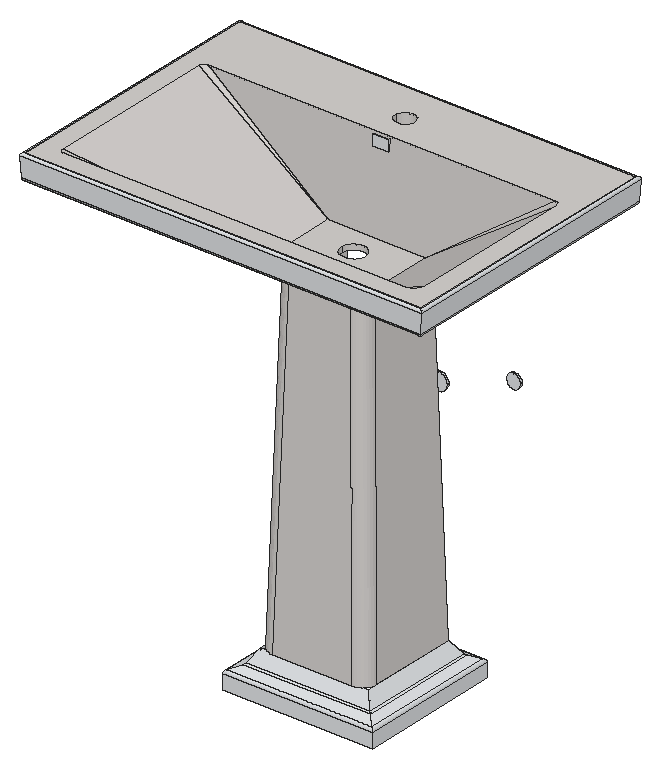
Revit family "Lavatory-TOTO-Contemporary-Lloyd-LPT930", category Plumbing Fixtures, host Face, Revit 2013
Parameters
  ecoScorecard_data = "http://toto.ecoscorecard.com/product/LPT930"
  ecoScorecard Product Page = "http://toto.ecoscorecard.com/product/LPT930"
  Width = 28 3/4"
  Waste Connection Radius = 5/8"
  Warranty URL = "http://www.totousa.com/warranty-registration"
  Warranty = "One Year Limited Warranty"  # constant formula
  URL = "http://www.totousa.com"
  Toto BIM Number = "BM-00345"  # constant formula
  Subcategory = "Lavatories"  # constant formula
  Style = "Contemporary"  # constant formula
  Spec Sheet URL = "http://assets.totousa.com/product-files/SS-00279_LPT930.pdf"
  Sink Type = ""
  Sink Configuration = ""
  Shipping Weight = 53.00 lbf
  Series = "Lloyd"  # constant formula
  SanoGloss Available = no
  Sanitary Connector = "Sanitary Connection"  # constant formula
  Product Page URL = " "
  Parts Manual URL = " "
  Mounting = ""
  Model = "LPT930"
  Material = "Fired clay china"
  Manufacturer Phone - Toll Free = "1-888-295-8134"  # constant formula
  Manufacturer Phone = "(770) 282-8686"  # constant formula
  Manufacturer Fax = "(770) 282-0002"  # constant formula
  Manufacturer Email = "mailto:custservice@totousa.com"
  Manufacturer Address = "1155 Southern Road, Morrow, Georgia 30260"  # constant formula
  Manufacturer = "TOTO USA, Inc."  # constant formula
  Installation URL = " "
  Industry Standards = "Meets and exceeds ASME A112.19.2/CSA B45.1"  # constant formula
  Hot Water Connector = "Hot Water Connection"  # constant formula
  Hot Water Connection Radius = 1/2"
  Height = 34 1/4"
  Finish = Vitreous China - TOTO - 01 Cotton
  Diameter = 0"
  Description = "LloydÂ® Metal Console Lavatory"  # constant formula
  Depth = 19 5/8"
  Default Elevation = 48"
  Cost Info = "mailto:custservice@totousa.com "
  Color Availability = "#01 Cotton, #03 Bone, #11 Colonial White, #12 Sedona Beige, #51 Ebony"  # constant formula
  Cold Water Connector = "Cold Water Connection"  # constant formula
  Cold Water Connection Radius = 1/2"
  Code Compliance = "UPC, IPC, NSPC, NPC Canada, and others"  # constant formula
  Certifications = "IAPMO(cUPC), State of Massachusetts, City of Los Angeles, and others"  # constant formula
  CAD Drawing URL = "http://assets.totousa.com/product-files/AD-00238_LPT930.dxf"
  Basin Width = 26 3/8"
  Basin Diameter = 0"
  Basin Depth = 13 1/4"
  Assembly Code = "D2010310"
  ADA Compliant = no
  95 CSI = "15410"  # constant formula
  04 CSI = "22 42 16"  # constant formula
Types (2): name | ecoScorecard_data | ecoScorecard Product Page
  (no name) | "http://toto.ecoscorecard.com/product/LPT930" | "http://toto.ecoscorecard.com/product/LPT930"
  LPT930 | " " | "  "
Reference planes
  plane 1 "Center (Front/Back)": y = 0
  plane 2: z = 0
  plane 3 "Center (Left/Right)": x = 0
  plane 4: x = -365.125
  plane 5: x = 365.125
  plane 6: y = 190.5
  plane 7: y = -307.975
  plane 8: z = 869.95
Dimensions and locks
  equal spacing: plane 4, plane 3 "Center (Left/Right)", plane 5
  "Width": plane 4 to plane 5
  "Depth": plane 7 to plane 6
  "Height": plane 8 to host face
  aligned and locked: plane 2 to host face
  aligned and locked: level to host face
  aligned and locked: plane 3 "Center (Left/Right)" to nested 1
  aligned and locked: plane 1 "Center (Front/Back)" to nested 1
Automatic sketch dimensions
  host sketch curve to host sketch curve = 96"  (x2)
Nested families
  nested 1: "930" at (0, 0, 0), type "930"
Connectors
  piping at (-136.525, 193.675, 457.2), driven by "Cold Water Connection Radius", driven by "Cold Water Connector"
    settings: on nested 1, index 1, connector radius 1/2", flow factor 0, pipe flow 0 GPM, pressure drop 0.00 psi, fitting loss kfactor 0, connector angle 0.00°, fixture units 0, engagement length 0", flow configuration 3, flow direction 1, fitting loss method 4, system type 20, joint type 0, gender type 0, connector reference index -1, connector utility 0, adjustable connector no, is connector primary yes, fitting loss table "", connector description "Cold Water Connection"
  piping at (136.525, 193.675, 457.2), driven by "Hot Water Connection Radius", driven by "Hot Water Connector"
    settings: on nested 1, index 2, connector radius 1/2", flow factor 0, pipe flow 0 GPM, pressure drop 0.00 psi, fitting loss kfactor 0, connector angle 0.00°, fixture units 0, engagement length 0", flow configuration 3, flow direction 1, fitting loss method 4, system type 19, joint type 0, gender type 0, connector reference index -1, connector utility 0, adjustable connector no, is connector primary no, fitting loss table "", connector description "Hot Water Connection"
  piping at (0, 193.675, 409.575), driven by "Waste Connection Radius", driven by "Sanitary Connector"
    settings: on nested 1, index 3, connector radius 5/8", flow factor 0, pipe flow 0 GPM, pressure drop 0.00 psi, fitting loss kfactor 0, connector angle 0.00°, fixture units 0, engagement length 0", flow configuration 3, flow direction 2, fitting loss method 4, system type 16, joint type 0, gender type 0, connector reference index -1, connector utility 0, adjustable connector no, is connector primary no, fitting loss table "", connector description "Sanitary Connection"
Definition of nested family "930"
  Parameters (values of type "930")
    Width = 28 3/4"
    URL = ""
    Finish = Ceramic - TOTO - 03 Bone
    Pipe Offset = 4"
    Manufacturer = ""
    Height = 0"
    Description = ""
    Depth = 0"
    Default Elevation = 0"
    Assembly Code = ""
  Reference planes
    plane 1 "Center (Front/Back)": y = 0
    plane 2: z = 0
    plane 3 "Center (Left/Right)": x = 0
    plane 4: x = 365.125
    plane 5: x = -365.125
    plane 6: y = 193.675
    plane 7: y = -304.8
    plane 8: y = -274.638
    plane 9: y = 61.912
    plane 10: x = -334.962
    plane 11: x = 334.866
    plane 12: x = 334.963
    plane 13: x = -91.036
    plane 14: x = 91.036
    plane 15: y = 89.846
    plane 16: y = -89.846
    plane 17: x = -73.821
    plane 18: x = 73.821
    plane 19: y = 74.495
    plane 20: y = -71.955
    plane 21: x = 107.999
    plane 22: x = -107.999
    plane 23: y = 108.543
    plane 24: y = -109.392
    plane 25: x = 136.179
    plane 26: x = -136.179
    plane 27: y = 130.543
    plane 28: y = -129.454
    plane 29: z = 869.95
    plane 30: x = -50.8
    plane 31: x = 50.8
    plane 32: z = 409.575
    plane 33: z = 457.2
    plane 34: x = -136.525
    plane 35: x = 136.525
    plane 36: y = 190.5
  Forms (mm)
    Extrusion 1, solid
      sketch origin (0, 0, 0) x (1, 0, 0) y (0, 1, 0)
        loop
          line (-1219.2, 1219.2) -> (-1219.2, -1219.2) -> (1219.2, -1219.2) -> (1219.2, 1219.2) -> (-1219.2, 1219.2)
      from 0 to -304.8
    SweptBlend 2, solid, material "Ceramic - TOTO - 03 Bone", detail levels medium+fine
      path origin (0, 0, 0) x (1, 0, 0) y (0, 0, 1)
        loop
          line (0, 64.999) -> (0, 702.992)
      profile origin (0, 0, 64.999) x (-1, 0, 0) y (0, -1, 0)
        loop
          line (-71.986, 89.846) -> (71.986, 89.846)
          arc (71.986, 89.846) -> (85.456, 84.266) -> (91.036, 70.796) r 19.05
          line (91.036, 70.796) -> (91.036, -89.846) -> (97.386, -89.846) -> (97.386, 70.796)
          arc (97.386, 70.796) -> (89.946, 88.756) -> (71.986, 96.196) r 25.4
          line (71.986, 96.196) -> (-71.986, 96.196)
          arc (-71.986, 96.196) -> (-89.946, 88.756) -> (-97.386, 70.796) r 25.4
          line (-97.386, 70.796) -> (-97.386, -89.846) -> (-91.036, -89.846) -> (-91.036, 70.796)
          arc (-91.036, 70.796) -> (-85.456, 84.266) -> (-71.986, 89.846) r 19.05
      end profile origin (0, 0, 702.992) x (-1, 0, 0) y (0, -1, 0)
        loop
          arc (54.771, 71.955) -> (68.242, 66.375) -> (73.821, 52.905) r 19.05
          line (73.821, 52.905) -> (73.821, -74.495) -> (80.171, -74.495) -> (80.171, 52.905)
          arc (80.171, 52.905) -> (72.732, 70.865) -> (54.771, 78.305) r 25.4
          line (54.771, 78.305) -> (-54.771, 78.305)
          arc (-54.771, 78.305) -> (-72.732, 70.865) -> (-80.171, 52.905) r 25.4
          line (-80.171, 52.905) -> (-80.171, -74.495) -> (-73.821, -74.495) -> (-73.821, 52.905)
          arc (-73.821, 52.905) -> (-68.242, 66.375) -> (-54.771, 71.955) r 19.05
          line (-54.771, 71.955) -> (54.771, 71.955)
    Sweep 3, solid, material "Ceramic - TOTO - 03 Bone" <- "Finish", detail levels medium+fine
      path origin (0, 0, 0) x (1, 0, 0) y (0, 1, 0)
        loop
          line (-136.179, -129.454) -> (136.179, -129.454) -> (136.179, 130.543) -> (-136.179, 130.543) -> (-136.179, -129.454)
      profile origin (-136.179, 0.544, 0) x (-1, 0, 0) y (0, 0, 1)
        loop
          line (0, 0) -> (0, 25.448)
          arc (0, 25.448) -> (-1.132, 29.264) -> (-4.16, 31.846) r 7
          line (-4.16, 31.846) -> (-20.596, 39.14)
          arc (-20.596, 39.14) -> (-22.36, 40.215) -> (-23.79, 41.706) r 8
          line (-23.79, 41.706) -> (-38.793, 64.999) -> (-38.793, 0) -> (0, 0)
    Blend 4, void
      base sketch origin (1.587, -52.504, 3.437) x (1, 0, 0) y (0, 1, 0)
        loop
          line (-79.536, -27.899) -> (77.72, -27.899)
          arc (77.72, -27.899) -> (84.668, -25.021) -> (87.545, -18.073) r 9.825
          line (87.545, -18.073) -> (87.545, 101.116) -> (-89.359, 101.116) -> (-89.359, -18.076)
          arc (-89.359, -18.076) -> (-86.482, -25.022) -> (-79.536, -27.899) r 9.823
      top sketch origin (1.587, -52.504, 3.437) x (1, 0, 0) y (0, 1, 0)
        loop
          arc (310.565, -222.134) -> (326.694, -215.453) -> (333.375, -199.324) r 22.81
          line (333.375, -199.324) -> (333.375, 104.81)
          arc (333.375, 104.81) -> (330.561, 111.602) -> (323.769, 114.416) r 9.606
          line (323.769, 114.416) -> (-326.944, 114.416)
          arc (-326.944, 114.416) -> (-333.736, 111.602) -> (-336.55, 104.81) r 9.606
          line (-336.55, 104.81) -> (-336.55, -212.114)
          arc (-336.55, -212.114) -> (-333.615, -219.199) -> (-326.53, -222.134) r 10.02
          line (-326.53, -222.134) -> (310.565, -222.134)
      from 701.112 to 873.91
    Extrusion 5, void
      sketch origin (0.397, -52.107, 3.437) x (1, 0, 0) y (0, 1, 0)
        loop
          circle (-0.907, 50.141) r 22.062
      from 645 to 737.553
    Extrusion 6, void
      sketch origin (0, -62.029, 3.437) x (1, 0, 0) y (0, 1, 0)
        loop
          circle (0, 176.497) r 17.549
      from 828.251 to 873.91
    Extrusion 7, solid, material "Ceramic - TOTO - 03 Bone", detail levels medium+fine
      sketch origin (0, 181.848, 846.397) x (1, 0, 0) y (0, 0, 1)
        loop
          line (-360.04, 23.678) -> (-359.197, -21.322) -> (359.197, -21.322) -> (360.04, 23.678) -> (-360.04, 23.678)
      from -6.741 to 481.563
    Extrusion 8, solid, material "Ceramic - TOTO - 03 Bone", detail levels medium+fine
      sketch origin (0, 0, -7.917) x (0, 1, 0) y (0, 0, 1)
        loop
          arc (-93.638, 704.279) -> (-91.89, 703.322) -> (-89.925, 702.992) r 6
          line (-89.925, 702.992) -> (74.495, 702.992)
          arc (74.495, 702.992) -> (76.442, 708.799) -> (77.431, 714.844) r 38
          line (77.431, 714.844) -> (79.389, 738.833) -> (161.039, 738.833)
          arc (161.039, 738.833) -> (164.462, 737.478) -> (166.029, 734.148) r 5
          line (166.029, 734.148) -> (167.405, 712.362)
          arc (167.405, 712.362) -> (170.54, 705.701) -> (177.385, 702.992) r 10
          line (177.385, 702.992) -> (185.422, 702.992) -> (188.589, 712.082) -> (188.589, 832.992) -> (-256.377, 832.992)
          arc (-256.377, 832.992) -> (-255.813, 832.178) -> (-255.099, 831.491) r 5
          line (-255.099, 831.491) -> (-93.638, 704.279)
      from -311.339 to 311.406
    Extrusion 9, void
      sketch origin (0, 0, -7.917) x (1, 0, 0) y (0, 0, 1)
        loop
          line (-85.586, 699.817) -> (-311.339, 834.385) -> (-311.339, 699.817) -> (-85.586, 699.817)
        loop
          line (85.586, 699.817) -> (311.406, 699.817) -> (311.406, 834.425) -> (85.586, 699.817)
      from -193.675 to 256.377
    Sweep 10, solid, material "Ceramic - TOTO - 03 Bone" <- "Finish", detail levels medium+fine
      path origin (0, 0, -7.917) x (1, 0, 0) y (0, 1, 0)
        loop
          line (-365.125, 193.675) -> (-365.125, -304.8) -> (365.125, -304.8) -> (365.125, 193.675) -> (-365.125, 193.675)
      profile origin (-365.125, -55.563, -7.917) x (1, 0, 0) y (0, 0, 1)
        loop
          arc (1.933, 836.792) -> (3.172, 834.094) -> (5.928, 832.992) r 4
          line (5.928, 832.992) -> (5.086, 877.983)
          arc (5.086, 877.983) -> (1.472, 876.432) -> (0.106, 872.745) r 4.986
          line (0.106, 872.745) -> (1.933, 836.792)
    Extrusion 11, solid, material "Ceramic - TOTO - 03 Bone" <- "Finish", detail levels coarse
      sketch origin (0, 0, 0) x (1, 0, 0) y (0, 1, 0)
        loop
          line (-365.125, 193.675) -> (-365.125, -304.8) -> (365.125, -304.8) -> (365.125, 193.675) -> (-365.125, 193.675)
      from 695.074 to 869.95
    Extrusion 12, solid, material "Ceramic - TOTO - 03 Bone" <- "Finish", detail levels coarse
      sketch origin (0, 0, 0) x (1, 0, 0) y (0, 1, 0)
        loop
          line (-136.179, -129.454) -> (136.179, -129.454) -> (136.179, 130.543) -> (-136.179, 130.543) -> (-136.179, -129.454)
      from 41.706 to 0
    Extrusion 13, solid, material "Ceramic - TOTO - 03 Bone" <- "Finish", detail levels coarse
      sketch origin (0, 0, 0) x (1, 0, 0) y (0, 1, 0)
        loop
          line (-112.388, -109.392) -> (112.388, -109.392) -> (112.388, 108.543) -> (-112.388, 108.543) -> (-112.388, -109.392)
      from 41.706 to 695.074
    Extrusion 14, solid, material "Ceramic - TOTO - 03 Bone" <- "Finish", detail levels fine
      sketch origin (0, 0, 0) x (1, 0, 0) y (0, 1, 0)
        loop
          line (14.397, 61.353) -> (-14.397, 61.353) -> (-14.397, 58.653) -> (14.397, 58.653) -> (14.397, 61.353)
      from 845.975 to 865.299
    Extrusion 15, solid, material "Ceramic - TOTO - 03 Bone" <- "Finish"
      sketch origin (0, 0, 0) x (1, 0, 0) y (0, 0, 1)
        loop
          circle (0, 409.575) r 15.875
        loop
          circle (-136.525, 457.2) r 12.7
        loop
          circle (136.525, 457.2) r 12.7
      from -193.675 to -190.5
  Cuts and joins
    Extrusion 5 cuts SweptBlend 2
    Blend 4, Extrusion 6 cuts Extrusion 7
    Blend 4, Extrusion 5, Extrusion 9 cuts Extrusion 8
    joined: SweptBlend 2, Extrusion 7, Extrusion 8
    Blend 4 cuts Sweep 10
  Lines and regions (mm)
    symbolic lines
      curve 1: line (-365.125, 193.675, 0) -> (-365.125, -304.8, 0)
      curve 2: line (-365.125, 193.675, 0) -> (365.125, 193.675, 0)
      curve 3: line (365.125, 193.675, 0) -> (365.125, -304.8, 0)
      curve 4: line (-365.125, -304.8, 0) -> (365.125, -304.8, 0)
      curve 30: line (136.179, 0, 0) -> (-136.179, 0, 0)
      curve 55: line (-360.192, 0, 869.95) -> (360.293, 0, 869.95)
      curve 66: line (0, 130.543, 0) -> (0, -129.454, 0)
      curve 101: line (0, 187.325, 869.95) -> (0, -299.872, 869.95)
    symbolic lines, detail levels medium+fine
      curve 5: line (-314.549, -266.464, 0) -> (302.354, -266.464, 0)
      curve 6: arc (302.354, -266.464, 0) -> (318.096, -259.943, 0) -> (324.617, -244.2, 0) r 22.264
      curve 7: arc (324.617, 52.151, 0) -> (321.922, 58.658, 0) -> (315.415, 61.353, 0) r 9.202
      curve 8: line (315.415, 61.353, 0) -> (-315.358, 61.353, 0)
      curve 9: arc (-315.358, 61.353, 0) -> (-321.865, 58.658, 0) -> (-324.56, 52.151, 0) r 9.202
      curve 10: line (-324.56, 52.151, 0) -> (-324.56, -256.452, 0)
      curve 11: arc (-324.56, -256.452, 0) -> (-321.628, -263.531, 0) -> (-314.549, -266.464, 0) r 10.011
      curve 12: line (-77.949, -80.402, 0) -> (79.307, -80.402, 0)
      curve 13: arc (-87.771, -70.58, 0) -> (-84.894, -77.525, 0) -> (-77.949, -80.402, 0) r 9.823
      curve 14: line (-87.771, 48.612, 0) -> (-87.771, -70.58, 0)
      curve 15: line (89.133, 48.612, 0) -> (-87.771, 48.612, 0)
      curve 16: line (89.133, -70.577, 0) -> (89.133, 48.612, 0)
      curve 17: arc (79.307, -80.402, 0) -> (86.255, -77.524, 0) -> (89.133, -70.577, 0) r 9.825
      curve 18: circle (-0.51, -1.965, 0) r 22.062 normal (0, 0, 1)
      curve 19: circle (0, 114.469, 0) r 17.549 normal (0, 0, 1)
      curve 20: line (324.617, 52.151, 0) -> (324.617, -244.2, 0)
      curve 31: arc (-365.019, 0, 864.827) -> (-363.653, 0, 868.515) -> (-360.039, 0, 870.066) r 4.986
      curve 32: line (-365.019, 0, 864.827) -> (-363.176, 0, 828.559)
      curve 33: spline (-359.203, 0, 825.143) -> (-359.625, 0, 825.095) -> (-360.048, 0, 825.114) -> (-360.466, 0, 825.201) -> (-360.873, 0, 825.354) -> (-361.264, 0, 825.572) -> (-361.635, 0, 825.85) -> (-361.98, 0, 826.187) -> (-362.294, 0, 826.577) -> (-362.575, 0, 827.015) -> (-362.817, 0, 827.495) -> (-363.018, 0, 828.012) -> (-363.176, 0, 828.559)
      curve 34: line (-359.197, 0, 825.075) -> (359.197, 0, 825.075)
      curve 35: arc (359.197, 0, 825.075) -> (361.953, 0, 826.176) -> (363.192, 0, 828.875) r 4
      curve 36: line (363.192, 0, 828.875) -> (365.019, 0, 864.827)
      curve 37: arc (365.019, 0, 864.827) -> (363.653, 0, 868.515) -> (360.039, 0, 870.066) r 4.986
      curve 38: line (309.001, 0, 825.075) -> (90.913, 0, 695.074)
      curve 39: line (-90.913, 0, 695.074) -> (-309.001, 0, 825.075)
      curve 40: line (-90.913, 0, 695.074) -> (90.913, 0, 695.074)
      curve 41: line (-80.374, 0, 695.503) -> (-97.386, 0, 64.999)
      curve 42: line (97.386, 0, 64.999) -> (80.374, 0, 695.503)
      curve 43: line (-97.386, 0, 64.999) -> (-112.388, 0, 41.706)
      curve 44: arc (-112.388, 0, 41.706) -> (-113.819, 0, 40.215) -> (-115.583, 0, 39.14) r 8
      curve 45: line (-115.583, 0, 39.14) -> (-132.018, 0, 31.846)
      curve 46: arc (-132.018, 0, 31.846) -> (-135.047, 0, 29.264) -> (-136.179, 0, 25.448) r 7
      curve 47: line (-136.179, 0, 25.448) -> (-136.179, 0, 0)
      curve 48: line (112.388, 0, 41.706) -> (97.386, 0, 64.999)
      curve 49: arc (112.388, 0, 41.706) -> (113.819, 0, 40.215) -> (115.583, 0, 39.14) r 8
      curve 50: line (132.018, 0, 31.846) -> (115.583, 0, 39.14)
      curve 51: arc (132.018, 0, 31.846) -> (135.047, 0, 29.264) -> (136.179, 0, 25.448) r 7
      curve 52: line (-112.388, 0, 41.706) -> (112.388, 0, 41.706)
      curve 53: line (-97.386, 0, 64.999) -> (97.386, 0, 64.999)
      curve 54: line (136.179, 0, 25.448) -> (136.179, 0, 0)
      curve 67: spline (0, 193.591, 865.267) -> (0, 193.43, 866.011) -> (0, 193.205, 866.721) -> (0, 192.918, 867.385) -> (0, 192.575, 867.994) -> (0, 192.181, 868.537) -> (0, 191.743, 869.006) -> (0, 191.266, 869.394) -> (0, 190.759, 869.694) -> (0, 190.229, 869.902) -> (0, 189.685, 870.014) -> (0, 189.136, 870.029) -> (0, 188.589, 869.947)
      curve 68: line (0, 191.742, 828.875) -> (0, 193.591, 865.267)
      curve 69: arc (0, 187.747, 825.075) -> (0, 190.503, 826.176) -> (0, 191.742, 828.875) r 4
      curve 70: line (0, 188.589, 704.165) -> (0, 188.589, 825.165)
      curve 71: line (0, -299.714, 825.075) -> (0, 187.747, 825.075)
      curve 72: line (0, 185.422, 695.074) -> (0, 188.589, 704.165)
      curve 73: line (0, 177.385, 695.074) -> (0, 185.422, 695.074)
      curve 74: arc (0, 167.405, 704.444) -> (0, 170.54, 697.784) -> (0, 177.385, 695.074) r 10
      curve 75: line (0, 166.029, 726.231) -> (0, 167.405, 704.444)
      curve 76: arc (0, 161.039, 730.916) -> (0, 164.462, 729.561) -> (0, 166.029, 726.231) r 5
      curve 77: line (0, 79.389, 730.916) -> (0, 161.039, 730.916)
      curve 78: line (0, 77.431, 706.926) -> (0, 79.389, 730.916)
      curve 79: arc (0, 74.495, 695.074) -> (0, 76.442, 700.882) -> (0, 77.431, 706.926) r 38
      curve 80: line (0, -89.925, 695.074) -> (0, 74.686, 695.074)
      curve 81: line (0, -257.005, 825.075) -> (0, -93.638, 696.362)
      curve 82: arc (0, -93.638, 696.362) -> (0, -91.89, 695.405) -> (0, -89.925, 695.074) r 6
      curve 83: spline (0, -298.879, 825.143) -> (0, -299.294, 825.095) -> (0, -299.71, 825.115) -> (0, -300.123, 825.203) -> (0, -300.527, 825.358) -> (0, -300.917, 825.578) -> (0, -301.287, 825.859) -> (0, -301.633, 826.199) -> (0, -301.95, 826.592) -> (0, -302.233, 827.034) -> (0, -302.481, 827.519) -> (0, -302.688, 828.04) -> (0, -302.852, 828.59)
      curve 84: line (0, -304.694, 864.827) -> (0, -302.852, 828.59)
      curve 85: arc (0, -304.694, 864.827) -> (0, -303.328, 868.515) -> (0, -299.714, 870.066) r 4.986
      curve 86: line (0, 89.846, 64.999) -> (0, 74.686, 695.074)
      curve 87: line (0, 91.75, 64.999) -> (0, -96.196, 64.999)
      curve 88: line (0, 106.753, 41.706) -> (0, 91.75, 64.999)
      curve 89: line (0, 106.753, 41.706) -> (0, -105.664, 41.706)
      curve 90: arc (0, 106.753, 41.706) -> (0, 108.183, 40.215) -> (0, 109.947, 39.14) r 8
      curve 91: line (0, 126.382, 31.846) -> (0, 109.947, 39.14)
      curve 92: spline (0, 126.376, 31.792) -> (0, 126.884, 31.614) -> (0, 127.377, 31.365) -> (0, 127.851, 31.045) -> (0, 128.301, 30.66) -> (0, 128.722, 30.212) -> (0, 129.109, 29.706) -> (0, 129.459, 29.147) -> (0, 129.769, 28.542) -> (0, 130.034, 27.895) -> (0, 130.253, 27.215) -> (0, 130.423, 26.507) -> (0, 130.543, 25.778)
      curve 93: line (0, 130.543, 0) -> (0, 130.543, 25.778)
      curve 94: line (0, -129.454, 25.448) -> (0, -129.454, 0)
      curve 95: arc (0, -125.294, 31.846) -> (0, -128.322, 29.264) -> (0, -129.454, 25.448) r 7
      curve 96: line (0, -108.858, 39.14) -> (0, -125.294, 31.846)
      curve 97: arc (0, -105.664, 41.706) -> (0, -107.094, 40.215) -> (0, -108.858, 39.14) r 8
      curve 98: line (0, -90.661, 64.999) -> (0, -105.664, 41.706)
      curve 99: line (0, -96.196, 64.999) -> (0, -78.527, 695.074)
    symbolic lines, detail levels coarse
      curve 21: line (-365.125, 0, 869.95) -> (-365.125, 0, 695.074)
      curve 22: line (-365.125, 0, 869.95) -> (-360.192, 0, 869.95)
      curve 23: line (365.125, 0, 869.95) -> (365.125, 0, 695.074)
      curve 24: line (-365.125, 0, 695.074) -> (365.125, 0, 695.074)
      curve 25: line (112.388, 0, 41.706) -> (112.388, 0, 695.074)
      curve 26: line (-112.388, 0, 695.074) -> (-112.388, 0, 41.706)
      curve 27: line (-136.179, 0, 0) -> (-136.179, 0, 41.706)
      curve 28: line (136.179, 0, 0) -> (136.179, 0, 41.706)
      curve 29: line (136.179, 0, 41.706) -> (-136.179, 0, 41.706)
      curve 56: line (360.293, 0, 869.95) -> (365.125, 0, 869.95)
      curve 57: line (0, 193.675, 869.95) -> (0, 187.325, 869.95)
      curve 58: line (0, 193.675, 695.074) -> (0, 193.675, 869.95)
      curve 59: line (0, -304.8, 695.074) -> (0, -304.8, 869.95)
      curve 60: line (0, -304.8, 695.074) -> (0, 193.675, 695.074)
      curve 61: line (0, -109.392, 695.074) -> (0, -109.392, 41.706)
      curve 62: line (0, 108.543, 41.706) -> (0, 108.543, 695.074)
      curve 63: line (0, 130.543, 41.706) -> (0, -129.454, 41.706)
      curve 64: line (0, -129.454, 0) -> (0, -129.454, 41.706)
      curve 65: line (0, 130.543, 0) -> (0, 130.543, 41.706)
      curve 100: line (0, -299.872, 869.95) -> (0, -304.8, 869.95)
    symbolic lines, detail levels fine
      curve 102: line (-14.397, 61.353, 0) -> (-14.397, 58.653, 0)
      curve 103: line (-14.397, 58.653, 0) -> (14.397, 58.653, 0)
      curve 104: line (14.397, 58.653, 0) -> (14.397, 61.353, 0)
  Dimensions and locks
    equal spacing: plane 5, plane 3 "Center (Left/Right)", plane 4
    "Width": plane 5 to plane 4
    plane 5 to plane 4 = 28 3/4"
    plane 1 "Center (Front/Back)" to plane 6 = 7 5/8"
    plane 6 to plane 7 = 19 5/8"
    plane 10 to plane 12 = 26 3/8"
    plane 9 to plane 8 = 13 1/4"
    plane 29 to plane 2 = 34 1/4"
    plane 32 to level = 16 1/8"
    plane 33 to level = 18"
    plane 3 "Center (Left/Right)" to plane 34 = 5 3/8"
    plane 6 to plane 36 = 1/8"
    aligned and locked: plane 2 to Extrusion 1
    aligned and locked: level to Extrusion 1
  Automatic sketch dimensions
    Extrusion 1 sketch curve to Extrusion 1 sketch curve = 96"  (x2)
    SweptBlend 2 sketch curve to plane 3 "Center (Left/Right)" = 0"
    level to SweptBlend 2 sketch curve = 2.55902"
    SweptBlend 2 sketch curve to plane 29 = 6.57317"
    SweptBlend 2 sketch curve to SweptBlend 2 sketch curve = 0"  (x8)
    profile plane to SweptBlend 2 sketch curve = 3.83408"
    SweptBlend 2 sketch curve to SweptBlend 2 sketch curve = 1/4"  (x2)
    SweptBlend 2 sketch curve to SweptBlend 2 sketch curve = 3/4"  (x2)
    SweptBlend 2 sketch curve to profile plane = 2.83408"
    SweptBlend 2 sketch curve to profile plane = 3.58408"
    SweptBlend 2 sketch curve to plane 1 "Center (Front/Back)" = 3.53723"  (x2)
    plane 1 "Center (Front/Back)" to SweptBlend 2 sketch curve = 2.78723"
    profile plane to SweptBlend 2 sketch curve = 3.15636"
    SweptBlend 2 sketch curve to profile plane = 2.15636"
    SweptBlend 2 sketch curve to profile plane = 2.90636"
    SweptBlend 2 sketch curve to plane 1 "Center (Front/Back)" = 2.93288"  (x2)
    plane 1 "Center (Front/Back)" to SweptBlend 2 sketch curve = 2.08286"
    Sweep 3 sketch curve to plane 26 = 0"
    Sweep 3 sketch curve to plane 25 = 0"
    Sweep 3 sketch curve to plane 28 = 0"
    Sweep 3 sketch curve to plane 27 = 0"
    Sweep 3 sketch curve to level = 0"
    Sweep 3 sketch curve to profile plane = 0"
    profile plane to Sweep 3 sketch curve = 0.1638"
    profile plane to Sweep 3 sketch curve = 0.27559"
    profile plane to Sweep 3 sketch curve = 0.68309"
    Sweep 3 sketch curve to Sweep 3 sketch curve = 0.12776"
    Sweep 3 sketch curve to Sweep 3 sketch curve = 0.12577"
    profile plane to Sweep 3 sketch curve = 1.52728"
    level to Sweep 3 sketch curve = 1.00188"
    Sweep 3 sketch curve to Sweep 3 sketch curve = 0.28716"
    Sweep 3 sketch curve to Sweep 3 sketch curve = 0.10101"
    Sweep 3 sketch curve to Sweep 3 sketch curve = 0.91707"
    Blend 4 sketch curve to plane 13 = 0.12852"
    plane 20 to Blend 4 sketch curve = 0.05414"
    Blend 4 sketch curve to plane 17 = 0.16248"
    plane 20 to Blend 4 sketch curve = 0.05425"
    plane 18 to Blend 4 sketch curve = 0.21598"
    Blend 4 sketch curve to plane 9 = 0.52363"
    Blend 4 sketch curve to plane 10 = 0"
    Blend 4 sketch curve to plane 9 = 0"
    Blend 4 sketch curve to plane 8 = 0"
    Blend 4 sketch curve to plane 12 = 0"
    Blend 4 sketch curve to Blend 4 sketch curve = 0.3782"
    plane 10 to Blend 4 sketch curve = 0.39447"
    plane 11 to Blend 4 sketch curve = 0.89423"
    plane 11 to Blend 4 sketch curve = 0.3744"
    Extrusion 5 sketch curve to plane 3 "Center (Left/Right)" = 0.02007"
    plane 1 "Center (Front/Back)" to Extrusion 5 sketch curve = 0.07738"
    plane 29 to Extrusion 7 sketch curve = 0.00492"
    Extrusion 7 sketch curve to plane 5 = 0.20021"
    Extrusion 7 sketch curve to plane 5 = 0.2334"
    Extrusion 7 sketch curve to plane 4 = 0.2334"
    Extrusion 7 sketch curve to plane 4 = 0.20021"
    Extrusion 7 sketch curve to plane 29 = 1.76674"
    plane 10 to Extrusion 9 sketch curve = 0.93008"
    Extrusion 9 sketch curve to plane 13 = 0.21453"
    plane 14 to Extrusion 9 sketch curve = 0.21453"
    plane 11 to Extrusion 9 sketch curve = 0.92364"
    Extrusion 9 sketch curve to plane 29 = 7.00986"
    Extrusion 9 sketch curve to Extrusion 9 sketch curve = 0"
    Extrusion 9 sketch curve to plane 29 = 1.71188"
    Extrusion 9 sketch curve to plane 29 = 1.7103"
    Sweep 10 sketch curve to plane 5 = 0"
    Sweep 10 sketch curve to plane 4 = 0"
    Sweep 10 sketch curve to plane 7 = 0"
    Sweep 10 sketch curve to plane 6 = 0"
    Sweep 10 sketch curve to profile plane = 0.00419"
    Sweep 10 sketch curve to profile plane = 0.07612"
    Sweep 10 sketch curve to Sweep 10 sketch curve = 0.19603"
    Sweep 10 sketch curve to Sweep 10 sketch curve = 0.15728"
    profile plane to Sweep 10 sketch curve = 32.79496"
    Sweep 10 sketch curve to Sweep 10 sketch curve = 0.14959"
    Sweep 10 sketch curve to Sweep 10 sketch curve = 1.41547"
    Sweep 10 sketch curve to Sweep 10 sketch curve = 0.00996"
    Extrusion 8 sketch curve to plane 19 = 0"
    Extrusion 8 sketch curve to plane 9 = 0.88015"
    plane 16 to Extrusion 8 sketch curve = 0.00311"
    plane 16 to Extrusion 8 sketch curve = 0.1493"
    plane 8 to Extrusion 8 sketch curve = 0.89105"
    Extrusion 8 sketch curve to Extrusion 8 sketch curve = 0.12183"
    Extrusion 8 sketch curve to Extrusion 8 sketch curve = 0.0503"
    plane 19 to Extrusion 8 sketch curve = 0.11558"
    plane 19 to Extrusion 8 sketch curve = 0.19268"
    Extrusion 8 sketch curve to Extrusion 8 sketch curve = 0.19646"
    Extrusion 8 sketch curve to Extrusion 8 sketch curve = 0.05416"
    Extrusion 8 sketch curve to Extrusion 8 sketch curve = 0.39292"
    Extrusion 8 sketch curve to Extrusion 8 sketch curve = 81/256"
    Extrusion 8 sketch curve to plane 6 = 0.20022"
    Extrusion 8 sketch curve to plane 6 = 0.32491"
    Extrusion 8 sketch curve to plane 29 = 6.88486"
    Extrusion 8 sketch curve to Extrusion 8 sketch curve = 0.05067"
    Extrusion 8 sketch curve to Extrusion 8 sketch curve = 0.35788"
    Extrusion 8 sketch curve to Extrusion 8 sketch curve = 0.36889"
    Extrusion 8 sketch curve to Extrusion 8 sketch curve = 0.46662"
    Extrusion 8 sketch curve to Extrusion 8 sketch curve = 0.84534"
    Extrusion 8 sketch curve to Extrusion 8 sketch curve = 0.0124"
    Extrusion 8 sketch curve to plane 29 = 1.82585"
    Extrusion 8 sketch curve to Extrusion 8 sketch curve = 0.05911"
    Extrusion 8 sketch curve to Extrusion 8 sketch curve = 0.46661"
    Extrusion 6 sketch curve to plane 3 "Center (Left/Right)" = 0"
    plane 23 to Extrusion 6 sketch curve = 0.2333"
    Extrusion 11 sketch curve to plane 7 = 0"
    Extrusion 11 sketch curve to plane 5 = 0"
    Extrusion 11 sketch curve to plane 6 = 0"
    plane 4 to Extrusion 11 sketch curve = 0"
    Extrusion 12 sketch curve to plane 28 = 0"
    Extrusion 12 sketch curve to plane 26 = 0"
    Extrusion 12 sketch curve to plane 25 = 0"
    Extrusion 12 sketch curve to plane 27 = 0"
    Extrusion 13 sketch curve to plane 24 = 0"
    plane 22 to Extrusion 13 sketch curve = 0.17282"
    Extrusion 13 sketch curve to plane 21 = 0.17282"
    Extrusion 13 sketch curve to plane 23 = 0"
    plane 5 to curve 21 = 0"
    curve 27 to level = 0"
    plane 26 to curve 27 = 0"
    curve 28 to plane 25 = 0"
    curve 23 to plane 4 = 0"
    curve 22 to plane 29 = 0"
    curve 31 to plane 5 = 0.00419"
    curve 32 to plane 5 = 0.07675"
    plane 29 to curve 31 = 0.00457"
    curve 31 to plane 5 = 0.20022"
    curve 33 to curve 33 = 0.13399"
    curve 32 to curve 33 = 0.13849"
    curve 33 to curve 33 = 0.02242"
    curve 33 to curve 34 = 0.00024"
    plane 10 to curve 39 = 1.02211"
    curve 45 to plane 26 = 0.1638"
    curve 47 to curve 46 = 0.27559"
    plane 22 to curve 44 = 0.42635"
    plane 22 to curve 44 = 0.29859"
    curve 45 to curve 26 = 0.12577"
    curve 52 to curve 26 = 0"
    curve 44 to curve 52 = 0"
    plane 13 to curve 41 = 1/4"
    curve 40 to plane 13 = 0.00483"
    curve 39 to curve 40 = 0"
    curve 41 to plane 17 = 0.25795"
    plane 18 to curve 42 = 0.25795"
    plane 14 to curve 38 = 0.00483"
    curve 40 to curve 38 = 0"
    curve 53 to plane 14 = 1/4"
    curve 52 to plane 21 = 0.17282"
    curve 49 to curve 52 = 0"
    curve 25 to plane 21 = 0.17282"
    curve 49 to curve 50 = 0.12577"
    curve 52 to curve 49 = 0.25353"
    plane 25 to curve 51 = 0.27559"
    plane 25 to curve 50 = 0.1638"
    plane 11 to curve 38 = 1.01831"
    curve 34 to plane 4 = 0.2334"
    curve 37 to plane 4 = 0.20022"
    curve 36 to plane 4 = 0.07612"
    curve 36 to plane 4 = 0.00419"
    level to curve 51 = 1.00188"
    curve 27 to curve 47 = 1.00188"
    curve 46 to curve 47 = 0"
    curve 54 to curve 51 = 0"
    curve 46 to curve 44 = 0.28716"
    curve 51 to curve 50 = 0.28716"
    curve 50 to curve 49 = 0.10101"
    curve 52 to curve 44 = 0"
    curve 25 to curve 48 = 0.91707"
    curve 38 to plane 29 = 6.88486"
    curve 40 to curve 39 = 0"
    curve 39 to curve 41 = 0.01687"
    curve 38 to curve 42 = 0.01687"
    curve 38 to plane 29 = 1.76674"
    curve 34 to curve 33 = 0.00075"
    curve 34 to curve 33 = 0.00267"
    curve 35 to curve 36 = 0.14959"
    curve 36 to plane 29 = 0.20168"
    curve 31 to plane 29 = 0.20168"
    curve 37 to plane 29 = 0.19171"
    curve 22 to curve 31 = 0.00599"
    curve 37 to curve 55 = 0.00999"
    curve 100 to plane 7 = 0"
    curve 64 to level = 0"
    curve 64 to plane 28 = 0"
    curve 61 to plane 24 = 0"
    curve 79 to plane 19 = 0"
    curve 86 to plane 15 = 0"
    curve 62 to plane 23 = 0"
    curve 66 to plane 27 = 0"
    curve 58 to plane 6 = 0"
    curve 57 to plane 29 = 0"
    plane 7 to curve 84 = 0.00419"
    plane 7 to curve 84 = 0.07668"
    curve 84 to curve 85 = 0.19603"
    curve 84 to curve 71 = 0.12353"
    curve 84 to curve 83 = 0.1345"
    curve 71 to curve 83 = 0.01538"
    curve 83 to curve 83 = 0.01751"
    plane 8 to curve 81 = 0.6942"
    plane 28 to curve 96 = 0.1638"
    plane 28 to curve 95 = 0.27559"
    curve 97 to plane 24 = 0.10674"
    plane 24 to curve 96 = 0.02102"
    plane 24 to curve 97 = 0.14679"
    curve 89 to curve 97 = 0"
    curve 98 to curve 89 = 0"
    plane 16 to curve 87 = 1/4"
    plane 16 to curve 81 = 0.1493"
    plane 16 to curve 98 = 0.0321"
    plane 16 to curve 82 = 0.00311"
    curve 80 to curve 82 = 0"
    curve 99 to plane 20 = 0.25874"
    curve 79 to plane 9 = 0.88015"
    plane 19 to curve 80 = 0.0075"
    plane 19 to curve 79 = 0.11558"
    plane 19 to curve 78 = 0.19268"
    curve 86 to curve 87 = 0.07497"
    curve 89 to curve 62 = 0.07049"
    curve 88 to curve 89 = 0"
    curve 90 to curve 89 = 0"
    plane 23 to curve 91 = 0.05528"
    plane 23 to curve 90 = 0.18304"
    curve 92 to plane 27 = 0.2046"
    curve 92 to plane 27 = 0.20042"
    curve 92 to curve 92 = 0.04053"
    curve 92 to curve 91 = 0.00027"
    plane 27 to curve 76 = 1.20064"
    curve 76 to curve 76 = 0.19646"
    curve 76 to curve 75 = 0.05416"
    curve 75 to curve 74 = 0.39292"
    curve 73 to curve 73 = 81/256"
    curve 69 to plane 6 = 0.2334"
    curve 67 to plane 29 = 0.00013"
    curve 67 to plane 6 = 0.20022"
    curve 72 to plane 6 = 0.20022"
    plane 29 to curve 67 = 0.00335"
    curve 67 to curve 67 = 0.02874"
    curve 67 to plane 6 = 0.17097"
    curve 69 to plane 6 = 0.07612"
    curve 68 to plane 6 = 0.00331"
    level to curve 92 = 0.96552"
    curve 64 to curve 95 = 1.00188"
    curve 94 to curve 95 = 0"
    curve 92 to curve 92 = 0.04937"
    curve 92 to curve 91 = 0.00213"
    curve 92 to curve 91 = 0.28406"
    curve 95 to curve 96 = 0.28716"
    curve 96 to curve 97 = 0.10101"
    curve 89 to curve 98 = 0"
    curve 89 to curve 86 = 0.91707"
    curve 61 to plane 29 = 6.88486"
    curve 79 to curve 86 = 0"
    curve 58 to curve 74 = 0"
    curve 82 to curve 81 = 0.05067"
    curve 72 to curve 70 = 0.35788"
    curve 73 to curve 74 = 0.36889"
    curve 80 to curve 79 = 0.46662"
    curve 74 to curve 76 = 0.84534"
    curve 76 to curve 76 = 0.0124"
    curve 71 to curve 67 = 1.52605"
    curve 71 to curve 83 = 0.00075"
    curve 83 to curve 83 = 0.00192"
    curve 69 to curve 70 = 0.00354"
    curve 84 to plane 29 = 0.20168"
    curve 85 to plane 29 = 0.19171"
    curve 101 to curve 85 = 0.00622"
    curve 57 to curve 67 = 0.04978"
    Extrusion 14 sketch curve to plane 9 = 0.02204"
    Extrusion 14 sketch curve to plane 9 = 0.12832"
    Extrusion 14 sketch curve to plane 3 "Center (Left/Right)" = 0.56681"
    plane 3 "Center (Left/Right)" to Extrusion 14 sketch curve = 0.56681"
    curve 1 to plane 5 = 0"
    curve 19 to plane 3 "Center (Left/Right)" = 0"
    curve 3 to plane 4 = 0"
    curve 1 to plane 7 = 0"
    curve 2 to plane 6 = 0"
    plane 10 to curve 11 = 0.40955"
    curve 9 to curve 9 = 0.36228"
    plane 8 to curve 5 = 0.32181"
    curve 10 to curve 5 = 0.39415"
    plane 20 to curve 14 = 0.05414"
    curve 14 to plane 13 = 0.12852"
    curve 13 to plane 17 = 0.16248"
    curve 102 to plane 9 = 0.12832"
    curve 102 to plane 3 "Center (Left/Right)" = 0.56681"
    curve 18 to plane 3 "Center (Left/Right)" = 0.02007"
    plane 3 "Center (Left/Right)" to curve 103 = 0.56681"
    plane 20 to curve 17 = 0.05425"
    plane 18 to curve 17 = 0.21598"
    plane 11 to curve 5 = 1.28001"
    plane 11 to curve 8 = 0.76577"
    plane 11 to curve 20 = 0.40349"
    plane 1 "Center (Front/Back)" to curve 18 = 0.07738"
    curve 14 to plane 9 = 0.52363"
    curve 104 to plane 9 = 0.02204"
    plane 23 to curve 19 = 0.2333"
    Extrusion 15 sketch curve to plane 33 = 0"  (x2)
    plane 34 to Extrusion 15 sketch curve = 0"
    Extrusion 15 sketch curve to plane 3 "Center (Left/Right)" = 0"
    Extrusion 15 sketch curve to plane 35 = 0"
    Extrusion 15 sketch curve to plane 32 = 0"
    radius of Extrusion 5 sketch curve = 0.86859"
    radius of Extrusion 6 sketch curve = 0.69092"
    radius of curve 18 = 0.86859"
    radius of curve 19 = 0.69092"
    radius of Extrusion 15 sketch curve = 5/8"
    radius of Extrusion 15 sketch curve = 1/2"  (x2)
